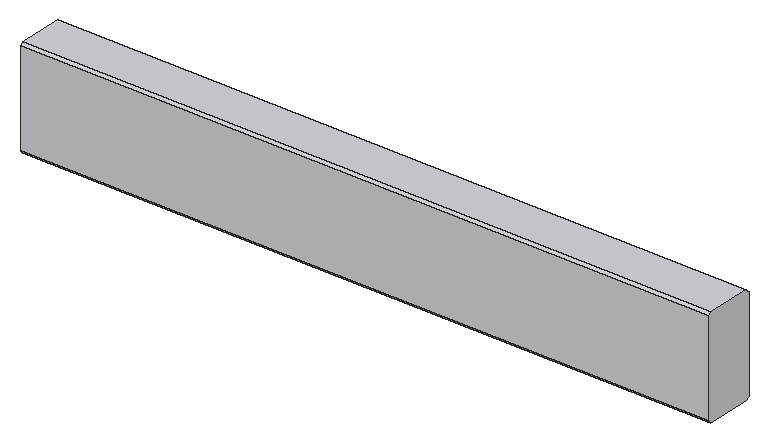
Revit family "Bjælke - RB", category Structural Framing, Revit 2019
Family settings
  Section Shape = Not Defined
  Material for Model Behavior = Other
  Always export as geometry = No
  OmniClass Number = 23.25.30.11.14.14
  OmniClass Title = Beams
  Always vertical = Yes
  Cut with Voids When Loaded = No
  Symbolic Representation = From Family
  Shared = No
  Show family pre-cut in plan views = Yes
Parameters (values of type "RB 18/36")
  Model = "RB"  # constant formula
  Bredde = 180 mm
  Structural Material [instance] = (empty or 0)
  Manufacturer = "CRH Concrete"  # constant formula
  Length [instance] = 3000 mm
  Højde = 360 mm
  CRH_RFA_TimeStamp_LastRelease = 20191107  # constant formula
  Affaset Top = yes
Reference planes
  plane 1 "Center (Front/Back)": y = 0
  plane 2 "Center Elevation": z = 0
  plane 3 "Center (Left/Right)": x = 0
  plane 4 "Left": x = -1500
  plane 5 "Member Left": x = -1250
  plane 6 "Stick Symbol Left": x = -1000
  plane 7 "Right": x = 1500
  plane 8 "Member Right": x = 1250
  plane 9 "Stick Symbol Right": x = 1000
Forms (mm)
  Sweep 1, solid
    path origin (0, 0, 0) x (1, 0, 0) y (0, 1, 0)
      loop
        line (-1250, 0) -> (1250, 0)
    profile "Profile-RB : Profile-RB" origin (0, 0, 0) x (0, 1, 0) y (0, 0, 1)
      loop
        line (-90, -10) -> (-90, -350) -> (-80, -360) -> (80, -360) -> (90, -350) -> (90, -10) -> (80, 0) -> (-80, 0) -> (-90, -10)
Lines and regions (mm)
  model lines, style "Stick Symbols", not visible, detail levels coarse
    curve 1: line (-1000, 0, 0) -> (1000, 0, 0)
Dimensions and locks
  equal spacing: plane 4 "Left", plane 3 "Center (Left/Right)", plane 7 "Right"
  "Length": plane 4 "Left" to plane 7 "Right"
  aligned and locked: plane 1 "Center (Front/Back)" to curve 1
  aligned and locked: plane 6 "Stick Symbol Left" to curve 1
  aligned and locked: plane 9 "Stick Symbol Right" to curve 1
  aligned and locked: plane 2 "Center Elevation" to level
  aligned and locked: plane 1 "Center (Front/Back)" to Sweep 1 sketch curve
  aligned and locked: plane 5 "Member Left" to Sweep 1 sketch curve
  aligned and locked: plane 8 "Member Right" to Sweep 1 sketch curve
